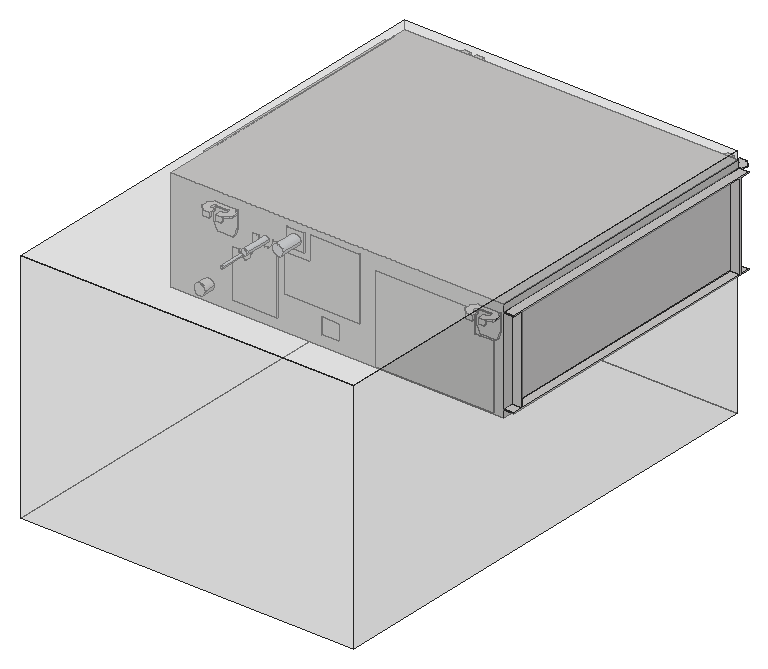
Revit family "outputfile", category 機械設備, Revit 2024
Family settings
  丸型コネクタ寸法 = 半径を使用
  パーツ タイプ = 標準
  OmniClass 番号 = 23.75.10.24.21.27.27
  OmniClass タイトル = Split System Air Conditioning Units
  作業面ベース = いいえ
  常に垂直 = はい
  ロード時にボイドで切り取り = いいえ
  注釈の向きを維持 = いいえ
  共有 = いいえ
  部屋計算ポイント = はい
Parameters (values of type "FXSQ40PAV4")
  Description = ""
  製造元 = "Daikin"
  書き出し IFC クラス(タイプ) = "IfcUnitaryEquipmentType"
  定義済み IFC タイプ(タイプ) = "AIRCONDITIONINGUNIT"
  Cost = 0
  モデル = "FXSQ40PAV4"
  Type Comments = ""
  Keynote = ""
  Type Image = (empty or 0)
  Assembly Code = ""
  r_Liquid Pipe Size = Liquid Pipe Size / 2  # 3.2 mm
  r_Gas Pipe Size = Gas Pipe Size / 2  # 6.35 mm
  r_Drain Pipe Size = Drain Pipe Size / 2  # 12.5 mm
  lw_power = 770.0 mm  # constant formula
  lh_SA = 138.0 mm  # constant formula
  lw_SA = if(Depth = 550.0 mm, 225.0 mm, if(Depth = 700.0 mm, 300.0 mm, if(Depth = 1000.0 mm, 450.0 mm, if(Depth = 1400.0 mm, 650.0 mm, 725.0 mm))))  # 300.0 mm
  lw_RA = if(Depth = 550.0 mm, 275.0 mm, if(Depth = 700.0 mm, 349.0 mm, if(Depth = 1000.0 mm, 499.0 mm, if(Depth = 1400.0 mm, 699.0 mm, 775.0 mm))))  # 349.0 mm
  lh_power = 60.0 mm + [h***]  # 60.0 mm
  lh_mountinghole1 = lh_mountinghole + [h***]  # 222.0 mm
  lh_RA = 123.0 mm  # constant formula
  ld_power = Depth / 2  # 350.0 mm
  Voltage_comment_60Hz = "220"
  Voltage_comment_50Hz = "220-240"
  Voltage_60Hz = 220 V
  Voltage_50Hz = 220 V
  URL = ""
  Supply Air Direction [instance] = yes
  Sound Power Level_H speed (dB) = 64
  Phase_60Hz = 1
  Phase_50Hz = 1
  Minimum External Static Pressure = 30.00 Pa
  Minimum Circuit Amps_60Hz = 1.4 A
  Minimum Circuit Amps_50Hz = 1.4 A
  Maximum Fuse Amps_60Hz = 16.0 A
  Maximum Fuse Amps_50Hz = 16.0 A
  Maximum External Static Pressure = 150.00 Pa
  Material_Casing = DAIKIN_GalvanizedSteel_Casing_indoorunit
  lw_mountinghole = 630.0 mm  # constant formula
  lh_gaspipe = 183.0 mm + [h***]  # 183.0 mm
  lh_mountinghole = 222.0 mm  # constant formula
  lh_liquidpipe = 136.0 mm + [h***]  # 136.0 mm
  lh_drainpipe = 207.0 mm + [h***]  # 207.0 mm
  lh_antena = Height - lh_mountinghole + 1.0 mm  # 24.0 mm
  ld_drainpipe = Depth / 2 + 53.0 mm  # 403.0 mm
  ld_liquidpipe = Depth / 2 + 69.0 mm  # 419.0 mm
  ld_gaspipe = Depth / 2 + 65.0 mm  # 415.0 mm
  ld_mountinghole = Depth + 38.0 mm  # 738.0 mm
  h*** = 0.0 mm  # constant formula
  lw_liquidpipe = 179.0 mm  # constant formula
  lw_gaspipe = 229.0 mm  # constant formula
  lw_drainpipe = 300.0 mm  # constant formula
  Width = 800.0 mm
  Version = "ver.1.0"
  Unit Type = "Middle Static Pressure Duct Type"
  Unit Mass Weight = 27.00 kg
  Unit Designation [instance] = ""
  Uniclass2015Version = "Products v1.30"
  Uniclass2015Title = "Variable refrigerant flow units"
  Uniclass2015Code = "Pr_70_65_03_94"
  Total Heating Capacity [instance] = 0.000 kW
  Total Cooling Capacity [instance] = 0.000 kW
  Sound Pressure Level_M speed (dBA) = 0
  Sound Pressure Level_L speed (dBA) = 30
  Sound Pressure Level_H speed (dBA) = 36
  Series = "VRV Fan Coil Unit"
  Sensible Cooling Capacity [instance] = 0.000 kW
  SA Duct Size Width = if(Depth = 550.0 mm, 337.0 mm, if(Depth = 700.0 mm, 492.0 mm, if(Depth = 1000.0 mm, 792.0 mm, if(Depth = 1400.0 mm, 1192.0 mm, 1337.0 mm))))  # 492.0 mm
  SA Duct Size Height = 176.0 mm
  Refrigerant Type = "R410A"
  RA Duct Size Width = if(Depth = 550.0 mm, 502.0 mm, if(Depth = 700.0 mm, 654.0 mm, if(Depth = 1000.0 mm, 952.0 mm, if(Depth = 1400.0 mm, 1352.0 mm, 1502.0 mm))))  # 654.0 mm
  RA Duct Size Height = 208.0 mm
  Power Input (Heating) = 0.157 kW
  Power Input (Cooling) = 0.162 kW
  Option Accessory 3 [instance] = ""
  Option Accessory 2 [instance] = ""
  Option Accessory 1 [instance] = ""
  Nominal Heating Capacity = 5.000 kW
  Nominal Cooling Capacity = 4.500 kW
  Minimum Airflow = 630.00 m³/h
  Median Airflow = 750.00 m³/h
  Maximum Airflow = 900.00 m³/h
  Load Classification = HVAC
  Liquid Pipe Size = 6.4 mm
  Link_Nested Family [instance] = ""
  IfcVersion = "0"
  IfcExportType = "AIRCONDITIONINGUNIT"
  IfcExportAs = "IfcUnitaryEquipmentType"
  Height = 245.0 mm
  Heating Entering Wet Bulb Temperature [instance] = 0.00 °C
  Heating Entering Dry Bulb Temperature [instance] = 0.00 °C
  Heating Ambient Wet Bulb Temperature [instance] = 0.00 °C
  Heating Ambient Dry Bulb Temperature [instance] = 0.00 °C
  Heat Exchanger Type = "Cross Fin Coil"
  Gas Pipe Size = 12.7 mm
  Frequency_60Hz = 60 Hz
  Frequency_50Hz = 50 Hz
  Fan Type = "Sirocco Fan"
  Fan Drive = "Direct Drive"
  FCU Tag No. [instance] = ""
  Drain Pipe Size = 25.0 mm
  Design Supply Airflow [instance] = 0.00 m³/h
  Design Return Airflow [instance] = 0.00 m³/h
  Design External Static Pressure [instance] = 0.00 Pa
  Depth = 700.0 mm
  既定の高さ = 0.0 mm
  Cooling Entering Wet Bulb Temperature [instance] = 0.00 °C
  Cooling Entering Dry Bulb Temperature [instance] = 0.00 °C
  Cooling Ambient Wet Bulb Temperature [instance] = 0.00 °C
  Cooling Ambient Dry Bulb Temperature [instance] = 0.00 °C
  Clearance visibility [instance] = yes
  Clearance Top = 20.0 mm
  Clearance Right = 0.0 mm
  Clearance Rear = 0.0 mm
  Clearance Left = 0.0 mm
  Clearance Front = 450.0 mm
  Clearance Bottom = 300.0 mm
Reference planes
  plane 1 "Center (Front/Back)": y = 0
  plane 2 "h": z = 0
  plane 3 "Center (Left/Right)": x = 0
  plane 4 "Back": y = 350
  plane 5 "Front": y = -350
  plane 6 "Left": x = -400
  plane 7 "Reight": x = 400
  plane 8 "Top": z = 0
  plane 9 "Bottom": z = -245
  plane 10: y = -215
  plane 11: y = 350
  plane 12: y = -800
  plane 13: x = -400
  plane 14: x = 400
  plane 15: z = 20
  plane 16: z = -545
  plane 17: x = -400
  plane 18: x = -399
  plane 19: x = 399
  plane 20: y = 50
  plane 21: y = -1
  plane 22: z = -122
  plane 23: y = -351
  plane 24: z = -109
  plane 25: x = -221
  plane 26: y = -415
  plane 27: z = -62
  plane 28: x = -171
  plane 29: y = -403
  plane 30: z = -38
  plane 31: x = -100
  plane 32: x = -100
  plane 33: x = -221
  plane 34: x = -171
  plane 35: x = 370
  plane 36: x = -266
  plane 37: x = 364
  plane 38: y = -369
  plane 39: y = 369
  plane 40: z = -23
  plane 41: z = -107
  plane 42: y = -420
  plane 43: z = -207
  plane 44: x = -309
  plane 45: y = -376
  plane 46: x = -251
  plane 47: x = -203
  plane 48: x = -144
  plane 49: z = -59
  plane 50: z = -106
  plane 51: z = -221
  plane 52: z = -109
  plane 53: x = -221
  plane 54: z = -62
  plane 55: x = -171
  plane 56: z = -17
  plane 57: z = -59
  plane 58: x = -121
  plane 59: x = -79
  plane 60: x = -125
  plane 61: x = -64
  plane 62: x = 53
  plane 63: z = -164
  plane 64: z = -73
  plane 65: z = -16
  plane 66: x = 93.5
  plane 67: x = 374.5
  plane 68: x = 330
  plane 69: z = -88.5
  plane 70: z = -38
  plane 71: z = -242.5
  plane 72: x = -38.5
  plane 73: x = 6.5
  plane 74: z = -181
  plane 75: z = -221
  plane 76: y = -349
  plane 77: x = -424
  plane 78: x = 424
Forms (mm)
  Extrusion 1, solid, material "DAIKIN_GalvanizedSteel_Casing_indoorunit" <- "Material_Casing"
    sketch origin (0, 0, 0) x (1, 0, 0) y (0, 1, 0)
      loop
        line (-399, 350) -> (-399, -350) -> (399, -350) -> (399, 350) -> (-399, 350)
    from -245 to 0
  Extrusion 2, solid, material "DAIKIN_GalvanizedSteel_Casing_indoorunit" <- "Material_Casing"
    sketch origin (0, 0, 0) x (1, 0, 0) y (0, 0, 1)
      loop
        line (-251, -221) -> (-144, -221) -> (-144, -59) -> (-154.47, -59)
        arc (-154.47, -59) -> (-171, -78.8) -> (-187.53, -59) r 16.8
        line (-187.53, -59) -> (-203, -59) -> (-203, -106) -> (-206.916, -106)
        arc (-206.916, -106) -> (-221, -123.4) -> (-235.084, -106) r 14.4
        line (-235.084, -106) -> (-251, -106) -> (-251, -221)
    from 350 to 351
  Extrusion 3, solid, material "DAIKIN_GalvanizedSteel_Casing_indoorunit" <- "Material_Casing"
    sketch origin (0, 0, 0) x (1, 0, 0) y (0, 0, 1)
      loop
        line (-121, -17) -> (-121, -59) -> (-79, -59) -> (-79, -17) -> (-121, -17)
      loop
        line (-125, -73) -> (-125, -164) -> (53, -164) -> (53, -16) -> (-64, -16) -> (-64, -73) -> (-125, -73)
    from 350 to 351
  Extrusion 4, solid, material "DAIKIN_GalvanizedSteel_Casing_indoorunit" <- "Material_Casing"
    sketch origin (0, 0, 0) x (1, 0, 0) y (0, 0, 1)
      loop
        line (93.5, -38) -> (93.5, -242.5) -> (374.5, -242.5) -> (374.5, -88.5) -> (330, -88.5) -> (330, -38) -> (93.5, -38)
    from 350 to 351
  Extrusion 5, solid
    sketch origin (0, 0, 0) x (1, 0, 0) y (0, 0, 1)
      loop
        circle (-221, -109) r 3.2
    from 350 to 420
  Extrusion 6, solid
    sketch origin (0, 0, 0) x (1, 0, 0) y (0, 0, 1)
      loop
        circle (-171, -62) r 6.35
    from 350 to 415
  Extrusion 7, solid
    sketch origin (0, 0, 0) x (1, 0, 0) y (0, 0, 1)
      loop
        circle (-100, -38) r 12.5
    from 351 to 403
  Extrusion 8, solid, material "DAIKIN_GalvanizedSteel_Casing_indoorunit" <- "Material_Casing"
    sketch origin (0, 0, 0) x (1, 0, 0) y (0, 0, 1)
      loop
        circle (-309, -207) r 13
    from 350 to 376
  Extrusion 9, void
    sketch origin (0, 0, 0) x (1, 0, 0) y (0, 0, 1)
      loop
        line (-38.5, -181) -> (-38.5, -221) -> (6.5, -221) -> (6.5, -181) -> (-38.5, -181)
    from 349 to 350
Cuts and joins
  Extrusion 9 cuts Extrusion 1
Dimensions and locks
  "Height": plane 8 "Top" to plane 9 "Bottom"
  equal spacing: plane 4 "Back", plane 1 "Center (Front/Back)", plane 5 "Front"
  "Depth": plane 4 "Back" to plane 5 "Front"
  equal spacing: plane 6 "Left", plane 3 "Center (Left/Right)", plane 7 "Reight"
  "Width": plane 6 "Left" to plane 7 "Reight"
  "Clearance Left": plane 13 to plane 6 "Left"
  "Clearance Right": plane 7 "Reight" to plane 14
  "Clearance Rear": plane 11 to plane 4 "Back"
  "Clearance Front": plane 5 "Front" to plane 12
  "Clearance Top": plane 15 to plane 8 "Top"
  "Clearance Bottom": plane 9 "Bottom" to plane 16
  locked: plane 17 to plane 18 at 1
  locked: plane 19 to plane 14 at 1
  "lw_SA": plane 11 to plane 20
  "lw_RA": plane 21 to plane 5 "Front"
  "lh_RA": plane 22 to plane 9 "Bottom"
  locked: plane 5 "Front" to plane 23 at 1
  "lw_liquidpipe": plane 25 to plane 6 "Left"
  "lh_liquidpipe": plane 24 to plane 9 "Bottom"
  "lh_gaspipe": plane 27 to plane 9 "Bottom"
  "lw_gaspipe": plane 28 to plane 6 "Left"
  "ld_gaspipe": plane 26 to plane 1 "Center (Front/Back)"
  "ld_drainpipe": plane 29 to plane 1 "Center (Front/Back)"
  "lh_drainpipe": plane 30 to plane 9 "Bottom"
  "lw_drainpipe": plane 31 to plane 6 "Left"
  "lw_drainpipe": plane 6 "Left" to plane 32
  "lw_liquidpipe": plane 6 "Left" to plane 33
  "lw_gaspipe": plane 6 "Left" to plane 34
  "lw_power": plane 6 "Left" to plane 35
  locked: plane 17 to plane 36 at 134
  "lw_mountinghole": plane 36 to plane 37
  equal spacing: plane 38, plane 1 "Center (Front/Back)", plane 39
  "ld_mountinghole": plane 39 to plane 38
  "lh_mountinghole": plane 40 to plane 9 "Bottom"
  "lh_SA": plane 41 to plane 9 "Bottom"
  "ld_liquidpipe": plane 21 to plane 42
  locked: plane 44 to plane 6 "Left" at 91
  locked: plane 43 to plane 9 "Bottom" at 38
  locked: plane 5 "Front" to plane 45 at 26
  plane 48 to plane 47 to plane 46 to plane 6 "Left" = 59.0 mm, 48.0 mm, 149.0 mm
  plane 8 "Top" to plane 49 to plane 50 to plane 51 = 59.0 mm locked, 47.0 mm locked, 115.0 mm locked
  plane 55 to plane 53 to plane 6 "Left" = 50.0 mm locked, 179.0 mm locked
  plane 54 to plane 52 to plane 9 "Bottom" = 47.0 mm locked, 136.0 mm locked
  plane 59 to plane 58 to plane 6 "Left" = 42.0 mm locked, 279.0 mm locked
  plane 8 "Top" to plane 56 to plane 57 = 17.0 mm locked, 42.0 mm locked
  plane 62 to plane 61 to plane 60 to plane 6 "Left" = 117.0 mm, 61.0 mm, 275.0 mm
  plane 8 "Top" to plane 65 to plane 64 = 16.0 mm locked, 57.0 mm locked
  locked: plane 65 to plane 63 at 148
  plane 8 "Top" to plane 70 to plane 69 to plane 71 = 38.0 mm locked, 50.5 mm locked, 154.0 mm locked
  plane 67 to plane 68 to plane 66 to plane 6 "Left" = 44.5 mm locked, 236.5 mm locked, 493.5 mm locked
  plane 8 "Top" to plane 74 to plane 75 = 181.0 mm locked, 40.0 mm locked
  plane 73 to plane 72 to plane 6 "Left" = 45.0 mm, 361.5 mm
  locked: plane 76 to plane 5 "Front" at 1
  locked: plane 77 to plane 17 at 24
  locked: plane 14 to plane 78 at 24
  locked: Extrusion 4 sketch curve to plane 9 "Bottom" at 2.5
  "r_Liquid Pipe Size": radius of Extrusion 5 sketch curve
  "r_Gas Pipe Size": radius of Extrusion 6 sketch curve
  "r_Drain Pipe Size": radius of Extrusion 7 sketch curve
  aligned and locked: level to plane 2 "h"
  aligned and locked: plane 8 "Top" to Extrusion 1
  aligned and locked: Extrusion 1 to plane 9 "Bottom"
  aligned and locked: nested 5 to plane 12
  aligned and locked: plane 13 to nested 5
  aligned and locked: plane 14 to nested 5
  aligned and locked: nested 5 to plane 13
  aligned and locked: plane 11 to nested 5
  aligned and locked: plane 15 to nested 5
  aligned and locked: plane 16 to nested 5
  aligned and locked: plane 5 "Front" to Extrusion 1 sketch curve
  aligned and locked: Extrusion 1 to plane 18
  aligned and locked: plane 19 to Extrusion 1
  aligned and locked: nested 7 to plane 18
  aligned and locked: nested 7 to plane 20
  aligned and locked: plane 19 to nested 8
  aligned and locked: plane 21 to nested 8
  aligned and locked: plane 22 to nested 8
  aligned and locked: Extrusion 2 to plane 23
  aligned and locked: plane 5 "Front" to Extrusion 2
  aligned and locked: Extrusion 3 to plane 23
  aligned and locked: plane 5 "Front" to Extrusion 3
  aligned and locked: plane 5 "Front" to Extrusion 4
  aligned and locked: Extrusion 5 sketch curve to plane 25
  aligned and locked: plane 24 to Extrusion 5 sketch curve
  aligned and locked: plane 5 "Front" to Extrusion 5
  aligned and locked: Extrusion 6 sketch curve to plane 28
  aligned and locked: plane 27 to Extrusion 6 sketch curve
  aligned and locked: plane 5 "Front" to Extrusion 6
  aligned and locked: Extrusion 7 sketch curve to plane 31
  aligned and locked: Extrusion 7 sketch curve to plane 30
  aligned and locked: Extrusion 7 to plane 29
  aligned and locked: plane 23 to Extrusion 7
  aligned and locked: nested 3 to plane 29
  aligned and locked: plane 32 to nested 3
  aligned and locked: nested 2 to plane 33
  aligned and locked: nested 1 to plane 34
  aligned and locked: Extrusion 6 to plane 26
  aligned and locked: nested 1 to plane 26
  aligned and locked: nested 6 to plane 5 "Front"
  aligned and locked: nested 6 to plane 35
  aligned and locked: plane 36 to nested 10
  aligned and locked: nested 10 to plane 5 "Front"
  aligned and locked: plane 37 to nested 9
  aligned and locked: nested 9 to plane 5 "Front"
  aligned and locked: nested 11 to plane 36
  aligned and locked: plane 4 "Back" to nested 11
  aligned and locked: nested 12 to plane 37
  aligned and locked: plane 4 "Back" to nested 12
  aligned and locked: plane 40 to nested 10
  aligned and locked: plane 40 to nested 11
  aligned and locked: plane 40 to nested 9
  aligned and locked: plane 40 to nested 12
  aligned and locked: plane 36 to nested 14
  aligned and locked: nested 14 to plane 39
  aligned and locked: plane 37 to nested 13
  aligned and locked: nested 13 to plane 39
  aligned and locked: plane 37 to nested 16
  aligned and locked: plane 38 to nested 16
  aligned and locked: plane 38 to nested 15
  aligned and locked: plane 36 to nested 15
  aligned and locked: plane 17 to plane 6 "Left"
  aligned and locked: plane 41 to nested 7
  aligned and locked: Extrusion 5 to plane 42
  aligned and locked: nested 2 to plane 42
  aligned and locked: Extrusion 8 sketch curve to plane 44
  aligned and locked: plane 43 to Extrusion 8 sketch curve
  aligned and locked: plane 5 "Front" to Extrusion 8
  aligned and locked: plane 45 to Extrusion 8
  aligned and locked: Extrusion 3 sketch curve to plane 56
  aligned and locked: Extrusion 3 sketch curve to plane 58
  aligned and locked: plane 57 to Extrusion 3 sketch curve
  aligned and locked: plane 59 to Extrusion 3 sketch curve
  aligned and locked: Extrusion 4 to plane 23
  aligned and locked: Extrusion 9 sketch curve to plane 74
  aligned and locked: plane 75 to Extrusion 9 sketch curve
  aligned and locked: plane 73 to Extrusion 9 sketch curve
  aligned and locked: plane 5 "Front" to Extrusion 9
  aligned and locked: plane 76 to Extrusion 9
  aligned and locked: nested 17 to plane 20
  aligned and locked: nested 17 to plane 77
  aligned and locked: plane 21 to nested 18
  aligned and locked: plane 78 to nested 18
  aligned and locked: plane 41 to nested 17
  aligned and locked: nested 18 to plane 22
  aligned and locked: nested 4 to plane 3 "Center (Left/Right)"
  aligned and locked: plane 1 "Center (Front/Back)" to nested 4
  aligned and locked: level to plane 8 "Top"
Automatic sketch dimensions
  plane 6 "Left" to Extrusion 1 sketch curve = 1.0 mm
  Extrusion 1 sketch curve to plane 7 "Reight" = 1.0 mm
  Extrusion 1 sketch curve to plane 4 "Back" = 0.0 mm
  Extrusion 2 sketch curve to plane 46 = 0.0 mm
  Extrusion 2 sketch curve to plane 33 = 0.0 mm
  Extrusion 2 sketch curve to plane 47 = 0.0 mm
  Extrusion 2 sketch curve to plane 34 = 0.0 mm
  Extrusion 2 sketch curve to plane 48 = 0.0 mm
  Extrusion 2 sketch curve to plane 52 = 0.0 mm
  Extrusion 2 sketch curve to plane 50 = 0.0 mm  (x3)
  Extrusion 2 sketch curve to plane 54 = 0.0 mm
  Extrusion 2 sketch curve to plane 49 = 0.0 mm  (x3)
  plane 33 to Extrusion 2 sketch curve = 14.084 mm
  plane 34 to Extrusion 2 sketch curve = 16.53 mm
  Extrusion 3 sketch curve to plane 60 = 0.0 mm
  Extrusion 3 sketch curve to plane 61 = 0.0 mm
  Extrusion 3 sketch curve to plane 62 = 0.0 mm
  Extrusion 3 sketch curve to plane 64 = 0.0 mm
  Extrusion 3 sketch curve to plane 65 = 0.0 mm
  Extrusion 4 sketch curve to plane 66 = 0.0 mm
  Extrusion 4 sketch curve to plane 68 = 0.0 mm
  Extrusion 4 sketch curve to plane 67 = 0.0 mm
  Extrusion 4 sketch curve to plane 69 = 0.0 mm
  Extrusion 4 sketch curve to plane 70 = 0.0 mm
  Extrusion 9 sketch curve to plane 72 = 0.0 mm
  Extrusion 2 sketch curve to plane 51 = 0.0 mm
  Extrusion 3 sketch curve to plane 63 = 0.0 mm
  radius of Extrusion 8 sketch curve = 13.0 mm
Nested families
  nested 1: "daikin_connector_rotate2" at (-171, 0, -62), length <- "ld_gaspipe", built-in parameter 1001364 <- "lh_gaspipe", radius <- "r_Gas Pipe Size", type "daikin_connector_rotate2"
    with radius 6.35 mm, length 415.0 mm, angle_vertical 90.00°
  nested 2: "daikin_connector_rotate2" at (-221, -1, -109), length <- "ld_liquidpipe", built-in parameter 1001364 <- "lh_liquidpipe", radius <- "r_Liquid Pipe Size", type "daikin_connector_rotate2"
    with radius 3.2 mm, length 419.0 mm, angle_vertical 90.00°
  nested 3: "daikin_connector_rotate2" at (-100, 0, -38), length <- "ld_drainpipe", built-in parameter 1001364 <- "lh_drainpipe", radius <- "r_Drain Pipe Size", type "daikin_connector_rotate2"
    with radius 12.5 mm, length 403.0 mm, angle_vertical 90.00°
  nested 4: "daikin_△_symbolicline" at (0, 0, 245) x (0, -1, 0) z (0, 0, 1), built-in parameter 1001364 <- "Height", visible <- "Supply Air Direction", type "daikin_△_symbolicline"
    with length 200.0 mm
  nested 5: "daikin_clearancespace" at (0, -225, -262.381), visible <- "Clearance visibility", show <- "Clearance visibility", Link_Nested Family <- "Link_Nested Family", type "daikin_clearancespace"
    with width 800.0 mm, show yes, height 565.0 mm, depth 1150.0 mm, Link_Nested Family ""
  nested 6: "daikin_connector_rotate2" at (370, 0, -185), built-in parameter 1001364 <- "lh_power", length <- "ld_power", type "daikin_connector_rotate2"
    with radius 10.0 mm, length 350.0 mm, angle_vertical 90.00°
  nested 7: "daikin_ductflange_FXSQ-PAV4_2" at (-399, 50, -107) x (0, -1, 0) z (0, 0, 1), type "daikin_ductflange_FXSQ-PAV4_2"
    with width 492.0 mm, w 700.0 mm
  nested 8: "daikin_ductflange_FXSQ-PAV4_1" at (399, -1, -122) x (0, 1, 0) z (0, 0, 1), type "daikin_ductflange_FXSQ-PAV4_1"
    with width 654.0 mm, w 700.0 mm
  nested 9: "daikin_hangerfixture_FXSQ-PAV4" at (364, -350, -23), type "daikin_hangerfixture_FXSQ-PAV4"
  nested 10: "daikin_hangerfixture_FXSQ-PAV4" at (-266, -350, -23), type "daikin_hangerfixture_FXSQ-PAV4"
  nested 11: "daikin_hangerfixture_FXSQ-PAV4" at (-266, 350, -23) x (-1, 0, 0) z (0, 0, 1), type "daikin_hangerfixture_FXSQ-PAV4"
  nested 12: "daikin_hangerfixture_FXSQ-PAV4" at (364, 350, -23) x (-1, 0, 0) z (0, 0, 1), type "daikin_hangerfixture_FXSQ-PAV4"
  nested 13: "daikin_mountinghole" at (364, 369, -245), h_mountinghole <- "lh_mountinghole1", l_antenna <- "lh_antena", Link_Nested Family <- "Link_Nested Family", type "daikin_mountinghole"
    with show yes, l_antenna 24.0 mm, h_mountinghole 222.0 mm, Link_Nested Family ""
  nested 14: "daikin_mountinghole" at (-266, 369, -245), h_mountinghole <- "lh_mountinghole1", l_antenna <- "lh_antena", Link_Nested Family <- "Link_Nested Family", type "daikin_mountinghole"
    with show yes, l_antenna 24.0 mm, h_mountinghole 222.0 mm, Link_Nested Family ""
  nested 15: "daikin_mountinghole" at (-266, -369, -245), h_mountinghole <- "lh_mountinghole1", l_antenna <- "lh_antena", Link_Nested Family <- "Link_Nested Family", type "daikin_mountinghole"
    with show yes, l_antenna 24.0 mm, h_mountinghole 222.0 mm, Link_Nested Family ""
  nested 16: "daikin_mountinghole" at (364, -369, -245), h_mountinghole <- "lh_mountinghole1", l_antenna <- "lh_antena", Link_Nested Family <- "Link_Nested Family", type "daikin_mountinghole"
    with show yes, l_antenna 24.0 mm, h_mountinghole 222.0 mm, Link_Nested Family ""
  nested 17: "daikin_connector_rotate2" at (-400, 50, -107) x (0, -1, 0) z (0, 0, 1), type "daikin_connector_rotate2"
    with radius 10.0 mm, length 24.0 mm, angle_vertical 90.00°
  nested 18: "daikin_connector_rotate2" at (400, -1, -122) x (0, 1, 0) z (0, 0, 1), type "daikin_connector_rotate2"
    with radius 10.0 mm, length 24.0 mm, angle_vertical 90.00°
Connectors
  piping at (-100, -403, -38), diameter 25, driven by "r_Drain Pipe Size"
    settings: on nested 3, index 3, connector inside diameter 609.6 mm, connector length 0.0 mm, flow factor 0, pipe flow 0.00 m³/h, pressure drop 0.0 Pa, fitting loss kfactor 0, connector angle 0.00°, fixture units 0, engagement length 0.0 mm, angle of deflection 0.00°, flow configuration 1, flow direction 2, fitting loss method 4, system type 16, joint type 0, gender type 0, connector reference index -1, connector utility 0, adjustable connector no, is connector primary yes, connector description "Condensate Drain Piping"
  piping at (-171, -415, -62), diameter 12.7, driven by "r_Gas Pipe Size"
    settings: on nested 1, index 4, connector inside diameter 609.6 mm, connector length 0.0 mm, flow factor 0, pipe flow 0.00 m³/h, pressure drop 0.0 Pa, fitting loss kfactor 0, connector angle 0.00°, fixture units 0, engagement length 0.0 mm, angle of deflection 0.00°, flow configuration 1, flow direction 2, fitting loss method 0, system type 29, joint type 0, gender type 0, connector reference index -1, connector utility 0, adjustable connector no, is connector primary no, connector description "Refrigerant Gas Piping"
  piping at (-221, -420, -109), diameter 6.4, driven by "r_Liquid Pipe Size"
    settings: on nested 2, index 5, connector inside diameter 609.6 mm, connector length 0.0 mm, flow factor 0, pipe flow 0.00 m³/h, pressure drop 0.0 Pa, fitting loss kfactor 0, connector angle 0.00°, fixture units 0, engagement length 0.0 mm, angle of deflection 0.00°, flow configuration 1, flow direction 1, fitting loss method 0, system type 29, joint type 0, gender type 0, connector reference index -1, connector utility 0, adjustable connector no, is connector primary no, connector description "Refrigerant Liquid Piping"
  electrical at (370, -350, -185), driven by "Load Classification"
    settings: on nested 6, index 6, voltage 0 V, apparent load 0 VA, apparent load phase1 0 VA, apparent load phase2 0 VA, apparent load phase3 0 VA, power factor 1, load classification "HVAC", number of poles 1, system type 30, power factor state 1, is connector primary yes, connector utility no, sub classification motor no, connector description "Power Supply"
  hvac at (-424, 50, -107), driven by "SA Duct Size Height", driven by "SA Duct Size Width"
    settings: on nested 17, index 7, duct flow 0.00 m³/h, flow factor 0, pres drop 0.00 Pa, loss coef 0, conn angle 0.00°, conn width 492.0 mm, conn height 176.0 mm, conn diameter 609.6 mm, duct sys type 1, conn prof type 1, flow config 0, flow direction 2, loss method 4, conn ref index -1, conn util no, is conn primary yes, conn desc "SA Duct"
  hvac at (424, -1, -122), driven by "RA Duct Size Height", driven by "RA Duct Size Width"
    settings: on nested 18, index 8, duct flow 0.00 m³/h, flow factor 0, pres drop 0.00 Pa, loss coef 0, conn angle 0.00°, conn width 654.0 mm, conn height 208.0 mm, conn diameter 609.6 mm, duct sys type 2, conn prof type 1, flow config 0, flow direction 1, loss method 4, conn ref index -1, conn util no, is conn primary no, conn desc "RA Duct"
Definition of nested family "daikin_clearancespace"
  Parameters (values of type "daikin_clearancespace")
    width [instance] = 1823.963 mm
    show [instance] = yes
    material = none
    height [instance] = 1359.762 mm
    depth [instance] = 880.0 mm
    Default Elevation = 0.0 mm
    Link_Nested Family [instance] = ""
  Reference planes
    plane 1 "Center (Front/Back)": y = 0
    plane 2 "Center (Elevation)": z = -0.119
    plane 3 "Center (Left/Right)": x = 0
    plane 4: y = 440
    plane 5: y = -440
    plane 6 "Right": x = 911.982
    plane 7 "Left": x = -911.982
    plane 8 "Top": z = 679.762
    plane 9 "Bottom": z = -680
  Forms (mm)
    Extrusion 1, solid, material <- "material", visible <- "show"
      sketch origin (0, 0, 0) x (1, 0, 0) y (0, 1, 0)
        loop
          line (-911.982, 440) -> (-911.982, -440) -> (911.982, -440) -> (911.982, 440) -> (-911.982, 440)
      from -680 to 679.762
  Lines and regions (mm)
    symbolic lines, visible <- "show"
      curve 1: line (911.982, 440, 0) -> (-911.982, 440, 0)
      curve 2: line (-911.982, 440, 0) -> (-911.982, -440, 0)
      curve 3: line (-911.982, -440, 0) -> (911.982, -440, 0)
      curve 4: line (911.982, -440, 0) -> (911.982, 440, 0)
      curve 5: line (911.982, 0, 679.762) -> (-911.982, 0, 679.762)
      curve 6: line (911.982, 0, -680) -> (911.982, 0, 679.762)
      curve 7: line (-911.982, 0, -680) -> (911.982, 0, -680)
      curve 8: line (-911.982, 0, 679.762) -> (-911.982, 0, -680)
      curve 9: line (0, 440, 679.762) -> (0, -440, 679.762)
      curve 10: line (0, -440, 679.762) -> (0, -440, -680)
      curve 11: line (0, 440, -680) -> (0, 440, 679.762)
      curve 12: line (0, -440, -680) -> (0, 440, -680)
  Dimensions and locks
    "width": plane 7 "Left" to plane 6 "Right"
    "depth": plane 4 to plane 5
    "height": plane 8 "Top" to plane 9 "Bottom"
    equal spacing: plane 7 "Left", plane 3 "Center (Left/Right)", plane 6 "Right"
    equal spacing: plane 4, plane 1 "Center (Front/Back)", plane 5
    equal spacing: plane 8 "Top", plane 2 "Center (Elevation)", plane 9 "Bottom"
    aligned and locked: level to plane 2 "Center (Elevation)"
    aligned and locked: Extrusion 1 sketch curve to plane 4
    aligned and locked: plane 7 "Left" to Extrusion 1 sketch curve
    aligned and locked: Extrusion 1 sketch curve to plane 5
    aligned and locked: Extrusion 1 sketch curve to plane 6 "Right"
    aligned and locked: plane 8 "Top" to Extrusion 1
    aligned and locked: curve 1 to Extrusion 1
    aligned and locked: curve 2 to Extrusion 1
    aligned and locked: curve 3 to Extrusion 1
    aligned and locked: curve 4 to Extrusion 1
    aligned and locked: curve 5 to Extrusion 1
    aligned and locked: curve 6 to Extrusion 1
    aligned and locked: curve 7 to Extrusion 1
    aligned and locked: curve 8 to Extrusion 1
    aligned and locked: curve 9 to Extrusion 1
    aligned and locked: curve 10 to Extrusion 1
    aligned and locked: curve 11 to Extrusion 1
    aligned and locked: curve 12 to Extrusion 1
    aligned and locked: Extrusion 1 to plane 9 "Bottom"
Definition of nested family "daikin_ductflange_FXSQ-PAV4_2"
  Parameters (values of type "daikin_ductflange_FXMQ-PAVE2")
    width = if(w = 550.0 mm, 337.0 mm, if(w = 700.0 mm, 492.0 mm, if(w = 1000.0 mm, 792.0 mm, if(w = 1400.0 mm, 1192.0 mm, 1337.0 mm))))  # 337.0 mm
    material = none
    height = 215.0 mm
    depth = 1.0 mm
    w = 550.0 mm
    Default Elevation = 0.0 mm
  Reference planes
    plane 1 "Center (Front/Back)": y = 0
    plane 2: z = 0
    plane 3 "Center (Left/Right)": x = 0
    plane 4: z = 88
    plane 5: z = -88
    plane 6: y = -25
    plane 7: z = 106
    plane 8: z = 89
    plane 9: y = -1
    plane 10: x = -192.5
    plane 11: x = 192.5
    plane 12: z = -106
    plane 13: z = -89
    plane 14: y = -1
    plane 15: x = 168.5
    plane 16: x = -168.5
    plane 17: x = 169.5
    plane 18: z = 87
    plane 19: z = -87
    plane 20: x = -169.5
    plane 21: z = 87
    plane 22: z = -87
    plane 23: y = -1
  Forms (mm)
    Extrusion 1, solid, material <- "material"
      sketch origin (0, 0, 0) x (0, 1, 0) y (0, 0, 1)
        loop
          line (-25, 88) -> (0, 88) -> (0, 106) -> (-1, 106) -> (-1, 89) -> (-25, 89) -> (-25, 88)
      from -192.5 to 192.5
    Extrusion 2, solid, material <- "material"
      sketch origin (0, 0, 0) x (0, 1, 0) y (0, 0, 1)
        loop
          line (-25, -88) -> (-25, -89) -> (-1, -89) -> (-1, -106) -> (0, -106) -> (0, -88) -> (-25, -88)
      from -192.5 to 192.5
    Extrusion 3, solid, material <- "material"
      sketch origin (0, 0, 0) x (1, 0, 0) y (0, 0, 1)
        loop
          line (168.5, 88) -> (168.5, -88) -> (192.5, -88) -> (192.5, -87) -> (169.5, -87) -> (169.5, 87) -> (192.5, 87) -> (192.5, 88) -> (168.5, 88)
      from 0 to 25
    Extrusion 4, solid, material <- "material"
      sketch origin (0, 0, 0) x (1, 0, 0) y (0, 0, 1)
        loop
          line (-192.5, 88) -> (-192.5, 87) -> (-169.5, 87) -> (-169.5, -87) -> (-192.5, -87) -> (-192.5, -88) -> (-168.5, -88) -> (-168.5, 88) -> (-192.5, 88)
      from 0 to 25
    Extrusion 5, solid, material <- "material"
      sketch origin (0, 0, 0) x (1, 0, 0) y (0, 0, 1)
        loop
          line (-192.5, 88) -> (-192.5, -88) -> (-168.5, -88) -> (-168.5, 88) -> (-192.5, 88)
        loop
          line (192.5, 88) -> (168.5, 88) -> (168.5, -88) -> (192.5, -88) -> (192.5, 88)
      from 0 to 1
  Cuts and joins
    joined: Extrusion 1, Extrusion 2, Extrusion 3, Extrusion 4, Extrusion 5
  Dimensions and locks
    plane 4 to level to plane 5 = 88.0 mm, 88.0 mm
    locked: plane 6 to plane 1 "Center (Front/Back)" at 25
    locked: plane 9 to plane 1 "Center (Front/Back)" at 1
    locked: plane 8 to plane 4 at 1
    locked: plane 16 to plane 10 at 24
    locked: plane 17 to plane 15 at 1
    locked: plane 4 to plane 18 at 1
    locked: plane 19 to plane 5 at 1
    "width": plane 15 to plane 16
    plane 4 to plane 5 = 176.0 mm
    locked: plane 16 to plane 20 at 1
    locked: plane 4 to plane 21 at 1
    locked: plane 22 to plane 5 at 1
    locked: plane 23 to plane 1 "Center (Front/Back)" at 1
    plane 4 to level to plane 5 = 88.0 mm locked, 88.0 mm locked
    locked: plane 5 to plane 13 at 1
    locked: plane 5 to plane 12 at 18
    locked: plane 7 to plane 4 at 18
    equal spacing: plane 15, plane 3 "Center (Left/Right)", plane 16
    locked: plane 11 to plane 15 at 24
    plane 11 to plane 10 = 385.0 mm
    aligned and locked: level to plane 2
    aligned and locked: Extrusion 1 to plane 10
    aligned and locked: plane 11 to Extrusion 1
    aligned and locked: plane 5 to Extrusion 2
    aligned and locked: Extrusion 2 to plane 1 "Center (Front/Back)"
    aligned and locked: plane 15 to Extrusion 3 sketch curve
    aligned and locked: Extrusion 3 sketch curve to Extrusion 2  (x2)
    aligned and locked: Extrusion 3 sketch curve to plane 11
    aligned and locked: plane 6 to Extrusion 3
    aligned and locked: Extrusion 2 to plane 10
    aligned and locked: plane 11 to Extrusion 2
    aligned and locked: Extrusion 4 sketch curve to Extrusion 1  (x2)
    aligned and locked: plane 5 to Extrusion 4 sketch curve
    aligned and locked: Extrusion 4 sketch curve to plane 16
    aligned and locked: Extrusion 4 sketch curve to plane 22
    aligned and locked: plane 20 to Extrusion 4 sketch curve
    aligned and locked: plane 21 to Extrusion 4 sketch curve
    aligned and locked: Extrusion 4 to plane 1 "Center (Front/Back)"
    aligned and locked: plane 6 to Extrusion 4
    aligned and locked: Extrusion 5 sketch curve to Extrusion 1  (x4)
    aligned and locked: Extrusion 5 sketch curve to Extrusion 4  (x2)
    aligned and locked: Extrusion 5 sketch curve to Extrusion 3  (x2)
    aligned and locked: Extrusion 5 to plane 1 "Center (Front/Back)"
    aligned and locked: plane 23 to Extrusion 5
  Automatic sketch dimensions
    Extrusion 1 sketch curve to plane 6 = 0.0 mm
    Extrusion 1 sketch curve to plane 7 = 0.0 mm
    Extrusion 1 sketch curve to plane 9 = 0.0 mm
    Extrusion 1 sketch curve to plane 1 "Center (Front/Back)" = 0.0 mm
    Extrusion 1 sketch curve to plane 4 = 0.0 mm
    Extrusion 1 sketch curve to plane 8 = 0.0 mm
    Extrusion 2 sketch curve to plane 6 = 0.0 mm
    plane 12 to Extrusion 2 sketch curve = 0.0 mm
    Extrusion 2 sketch curve to plane 14 = 0.0 mm
    Extrusion 2 sketch curve to plane 1 "Center (Front/Back)" = 0.0 mm
    plane 13 to Extrusion 2 sketch curve = 0.0 mm
    Extrusion 2 sketch curve to plane 5 = 0.0 mm
    Extrusion 3 sketch curve to plane 17 = 0.0 mm
    Extrusion 3 sketch curve to plane 19 = 0.0 mm
    Extrusion 3 sketch curve to plane 18 = 0.0 mm
    Extrusion 3 sketch curve to plane 4 = 0.0 mm
    Extrusion 4 sketch curve to plane 10 = 0.0 mm
Definition of nested family "daikin_ductflange_FXSQ-PAV4_1"
  Parameters (values of type "daikin_ductflange_FXMQ-PAVE")
    width = if(w = 550.0 mm, 502.0 mm, if(w = 700.0 mm, 654.0 mm, if(w = 1000.0 mm, 952.0 mm, if(w = 1400.0 mm, 1352.0 mm, 1502.0 mm))))  # 502.0 mm
    material = none
    height = 208.0 mm
    depth = 1.0 mm
    w = 550.0 mm
    Default Elevation = 0.0 mm
  Reference planes
    plane 1 "Center (Front/Back)": y = 0
    plane 2: z = 0
    plane 3 "Center (Left/Right)": x = 0
    plane 4: z = 104
    plane 5: z = -104
    plane 6: y = -25
    plane 7: z = 121
    plane 8: z = 105
    plane 9: y = -1
    plane 10: x = -275
    plane 11: x = 275
    plane 12: z = -122
    plane 13: z = -105
    plane 14: y = -1
    plane 15: x = 251
    plane 16: x = -251
    plane 17: x = 252
    plane 18: z = 103
    plane 19: z = -103
    plane 20: x = -252
    plane 21: z = 103
    plane 22: z = -103
    plane 23: y = -1
  Forms (mm)
    Extrusion 1, solid, material <- "material"
      sketch origin (0, 0, 0) x (0, 1, 0) y (0, 0, 1)
        loop
          line (-25, 104) -> (0, 104) -> (0, 121) -> (-1, 121) -> (-1, 105) -> (-25, 105) -> (-25, 104)
      from -275 to 275
    Extrusion 2, solid, material <- "material"
      sketch origin (0, 0, 0) x (0, 1, 0) y (0, 0, 1)
        loop
          line (-25, -104) -> (-25, -105) -> (-1, -105) -> (-1, -122) -> (0, -122) -> (0, -104) -> (-25, -104)
      from -275 to 275
    Extrusion 3, solid, material <- "material"
      sketch origin (0, 0, 0) x (1, 0, 0) y (0, 0, 1)
        loop
          line (251, 104) -> (251, -104) -> (275, -104) -> (275, -103) -> (252, -103) -> (252, 103) -> (275, 103) -> (275, 104) -> (251, 104)
      from 0 to 25
    Extrusion 4, solid, material <- "material"
      sketch origin (0, 0, 0) x (1, 0, 0) y (0, 0, 1)
        loop
          line (-275, 104) -> (-275, 103) -> (-252, 103) -> (-252, -103) -> (-275, -103) -> (-275, -104) -> (-251, -104) -> (-251, 104) -> (-275, 104)
      from 0 to 25
    Extrusion 5, solid, material <- "material"
      sketch origin (0, 0, 0) x (1, 0, 0) y (0, 0, 1)
        loop
          line (-275, 104) -> (-275, -104) -> (-251, -104) -> (-251, 104) -> (-275, 104)
        loop
          line (275, 104) -> (251, 104) -> (251, -104) -> (275, -104) -> (275, 104)
      from 0 to 1
  Cuts and joins
    joined: Extrusion 1, Extrusion 2, Extrusion 3, Extrusion 4, Extrusion 5
  Dimensions and locks
    plane 4 to level to plane 5 = 104.0 mm, 104.0 mm
    locked: plane 6 to plane 1 "Center (Front/Back)" at 25
    locked: plane 9 to plane 1 "Center (Front/Back)" at 1
    locked: plane 8 to plane 4 at 1
    locked: plane 11 to plane 15 at 24
    locked: plane 16 to plane 10 at 24
    locked: plane 17 to plane 15 at 1
    locked: plane 4 to plane 18 at 1
    locked: plane 19 to plane 5 at 1
    "width": plane 15 to plane 16
    equal spacing: plane 15, plane 3 "Center (Left/Right)", plane 16
    locked: plane 16 to plane 20 at 1
    locked: plane 4 to plane 21 at 1
    locked: plane 22 to plane 5 at 1
    locked: plane 23 to plane 1 "Center (Front/Back)" at 1
    locked: plane 7 to plane 4 at 17
    locked: plane 1 "Center (Front/Back)" to plane 14 at 1
    locked: plane 5 to plane 13 at 1
    "height": plane 4 to plane 5
    plane 11 to plane 10 = 550.0 mm
    locked: plane 12 to plane 13 at 17
    equal spacing: plane 4, level, plane 5
    aligned and locked: level to plane 2
    aligned and locked: Extrusion 1 to plane 10
    aligned and locked: plane 11 to Extrusion 1
    aligned and locked: plane 5 to Extrusion 2
    aligned and locked: Extrusion 2 to plane 1 "Center (Front/Back)"
    aligned and locked: plane 15 to Extrusion 3 sketch curve
    aligned and locked: Extrusion 3 sketch curve to Extrusion 2  (x2)
    aligned and locked: Extrusion 3 sketch curve to plane 11
    aligned and locked: plane 6 to Extrusion 3
    aligned and locked: Extrusion 2 to plane 10
    aligned and locked: plane 11 to Extrusion 2
    aligned and locked: Extrusion 4 sketch curve to Extrusion 1  (x2)
    aligned and locked: plane 5 to Extrusion 4 sketch curve
    aligned and locked: Extrusion 4 sketch curve to plane 16
    aligned and locked: Extrusion 4 sketch curve to plane 22
    aligned and locked: plane 20 to Extrusion 4 sketch curve
    aligned and locked: plane 21 to Extrusion 4 sketch curve
    aligned and locked: Extrusion 4 to plane 1 "Center (Front/Back)"
    aligned and locked: plane 6 to Extrusion 4
    aligned and locked: Extrusion 5 sketch curve to Extrusion 1  (x4)
    aligned and locked: Extrusion 5 sketch curve to Extrusion 4  (x2)
    aligned and locked: Extrusion 5 sketch curve to Extrusion 3  (x2)
    aligned and locked: Extrusion 5 to plane 1 "Center (Front/Back)"
    aligned and locked: plane 23 to Extrusion 5
  Automatic sketch dimensions
    Extrusion 1 sketch curve to plane 6 = 0.0 mm
    Extrusion 1 sketch curve to plane 7 = 0.0 mm
    Extrusion 1 sketch curve to plane 9 = 0.0 mm
    Extrusion 1 sketch curve to plane 1 "Center (Front/Back)" = 0.0 mm
    Extrusion 1 sketch curve to plane 4 = 0.0 mm
    Extrusion 1 sketch curve to plane 8 = 0.0 mm
    Extrusion 2 sketch curve to plane 6 = 0.0 mm
    plane 12 to Extrusion 2 sketch curve = 0.0 mm
    Extrusion 2 sketch curve to plane 14 = 0.0 mm
    Extrusion 2 sketch curve to plane 1 "Center (Front/Back)" = 0.0 mm
    plane 13 to Extrusion 2 sketch curve = 0.0 mm
    Extrusion 2 sketch curve to plane 5 = 0.0 mm
    Extrusion 3 sketch curve to plane 17 = 0.0 mm
    Extrusion 3 sketch curve to plane 19 = 0.0 mm
    Extrusion 3 sketch curve to plane 18 = 0.0 mm
    Extrusion 3 sketch curve to plane 4 = 0.0 mm
    Extrusion 4 sketch curve to plane 10 = 0.0 mm
Definition of nested family "daikin_hangerfixture_FXSQ-PAV4"
  Parameters (values of type "daikin_hangerfixture_FXMQ-PAVE")
    width = 72.0 mm
    material = none
    height = 60.0 mm
    depth = 41.0 mm
    Default Elevation = 0.0 mm
  Reference planes
    plane 1 "Center (Front/Back)": y = 0
    plane 2: z = 0
    plane 3 "Center (Left/Right)": x = 0
    plane 4: y = 417.146
    plane 5: y = -41
    plane 6: x = -36
    plane 7: x = 36
    plane 8: z = -2.3
    plane 9: z = -60
    plane 10: y = -2.3
    plane 11: z = -12
    plane 12: y = -38.7
  Forms (mm)
    Extrusion 1, solid, material <- "material"
      sketch origin (0, 0, 0) x (1, 0, 0) y (0, 1, 0)
        loop
          line (-28, 0) -> (-28, -5)
          arc (-28, -5) -> (-29.127, -8.162) -> (-32, -9.899) r 5
          arc (-32, -9.899) -> (-34.873, -11.636) -> (-36, -14.798) r 5
          line (-36, -14.798) -> (-36, -27.178)
          arc (-36, -27.178) -> (-35.429, -29.499) -> (-33.846, -31.289) r 5
          line (-33.846, -31.289) -> (-23, -38.798) -> (-23, -41.098) -> (-6.5, -41.098) -> (-6.5, -28.498)
          arc (-6.5, -28.498) -> (-7.379, -26.377) -> (-9.5, -25.498) r 3
          line (-9.5, -25.498) -> (-13.5, -25.498)
          arc (-13.5, -25.498) -> (-20, -18.998) -> (-13.5, -12.498) r 6.5
          line (-13.5, -12.498) -> (13.5, -12.498)
          arc (13.5, -12.498) -> (20, -18.998) -> (13.5, -25.498) r 6.5
          line (13.5, -25.498) -> (9.5, -25.498)
          arc (9.5, -25.498) -> (7.379, -26.377) -> (6.5, -28.498) r 3
          line (6.5, -28.498) -> (6.5, -41.098) -> (23, -41.098) -> (23, -38.798) -> (33.846, -31.289)
          arc (33.846, -31.289) -> (35.429, -29.499) -> (36, -27.178) r 5
          line (36, -27.178) -> (36, -14.596)
          arc (36, -14.596) -> (34.873, -11.434) -> (32, -9.697) r 5
          arc (32, -9.697) -> (29.127, -7.96) -> (28, -4.798) r 5
          line (28, -4.798) -> (28, 0) -> (-28, 0)
      from 0 to -2.3
    Extrusion 2, solid, material <- "material"
      sketch origin (0, 0, 0) x (1, 0, 0) y (0, 0, 1)
        loop
          line (28, -39.037) -> (28, 0) -> (-28, 0) -> (-28, -39.037)
          arc (-28, -39.037) -> (-27.91, -39.983) -> (-27.642, -40.894) r 5
          line (-27.642, -40.894) -> (-21.257, -56.857)
          arc (-21.257, -56.857) -> (-19.418, -59.14) -> (-16.615, -60) r 5
          line (-16.615, -60) -> (16.615, -60)
          arc (16.615, -60) -> (19.418, -59.14) -> (21.257, -56.857) r 5
          line (21.257, -56.857) -> (27.642, -40.894)
          arc (27.642, -40.894) -> (27.91, -39.983) -> (28, -39.037) r 5
      from 0 to 2.3
    Extrusion 3, solid, material <- "material"
      sketch origin (0, 0, 0) x (1, 0, 0) y (0, 0, 1)
        loop
          line (-23, 0) -> (-23, -9)
          arc (-23, -9) -> (-22.121, -11.121) -> (-20, -12) r 3
          line (-20, -12) -> (-9.5, -12)
          arc (-9.5, -12) -> (-7.379, -11.121) -> (-6.5, -9) r 3
          line (-6.5, -9) -> (-6.5, 0) -> (-23, 0)
        loop
          line (23, 0) -> (6.5, 0) -> (6.5, -9)
          arc (6.5, -9) -> (7.379, -11.121) -> (9.5, -12) r 3
          line (9.5, -12) -> (20, -12)
          arc (20, -12) -> (22.121, -11.121) -> (23, -9) r 3
          line (23, -9) -> (23, 0)
      from 38.8 to 41.098
  Cuts and joins
    joined: Extrusion 1, Extrusion 2, Extrusion 3
  Dimensions and locks
    plane 2 to plane 8 = 2.3 mm
    "height": plane 2 to plane 9
    locked: plane 10 to plane 1 "Center (Front/Back)" at 2.3
    locked: plane 2 to plane 11 at 12
    locked: plane 12 to plane 5 at 2.3
    aligned and locked: level to plane 2
    aligned and locked: Extrusion 1 to plane 8
    aligned and locked: plane 2 to Extrusion 1
    aligned and locked: plane 2 to Extrusion 2 sketch curve
    aligned and locked: Extrusion 2 to plane 10
    aligned and locked: Extrusion 2 to plane 1 "Center (Front/Back)"
    aligned and locked: Extrusion 3 sketch curve to cut or joined group of Extrusion 1, Extrusion 2, Extrusion 3  (x3)
    aligned and locked: cut or joined group of Extrusion 1, Extrusion 2, Extrusion 3 to Extrusion 3
  Automatic sketch dimensions
    Extrusion 2 sketch curve to plane 7 = 8.0 mm
    Extrusion 2 sketch curve to plane 8 = 36.737 mm
    plane 6 to Extrusion 2 sketch curve = 19.385 mm
    Extrusion 1 sketch curve to plane 6 = 0.0 mm
    plane 1 "Center (Front/Back)" to Extrusion 1 sketch curve = 0.0 mm
    Extrusion 1 sketch curve to plane 7 = 0.0 mm
    plane 6 to Extrusion 1 sketch curve = 2.154 mm
    plane 6 to Extrusion 1 sketch curve = 3.0 mm
    Extrusion 1 sketch curve to Extrusion 1 sketch curve = 5.0 mm  (x3)
    Extrusion 1 sketch curve to plane 12 = 0.098 mm  (x2)
    Extrusion 1 sketch curve to Extrusion 1 sketch curve = 4.0 mm  (x2)
    Extrusion 1 sketch curve to plane 5 = 0.098 mm  (x2)
    Extrusion 1 sketch curve to plane 3 "Center (Left/Right)" = 6.5 mm
    plane 3 "Center (Left/Right)" to Extrusion 1 sketch curve = 6.5 mm
    Extrusion 1 sketch curve to Extrusion 1 sketch curve = 3.0 mm
    Extrusion 1 sketch curve to plane 7 = 8.0 mm
    Extrusion 1 sketch curve to plane 7 = 5.0 mm
    Extrusion 1 sketch curve to plane 7 = 3.0 mm
    Extrusion 1 sketch curve to plane 7 = 2.154 mm
    plane 12 to Extrusion 1 sketch curve = 7.411 mm  (x2)
    plane 12 to Extrusion 1 sketch curve = 10.202 mm  (x2)
    Extrusion 1 sketch curve to Extrusion 1 sketch curve = 6.5 mm  (x2)
    Extrusion 1 sketch curve to Extrusion 1 sketch curve = 12.38 mm
    Extrusion 1 sketch curve to plane 10 = 12.296 mm
    Extrusion 1 sketch curve to plane 10 = 2.7 mm
    Extrusion 1 sketch curve to plane 10 = 2.498 mm
    plane 6 to Extrusion 1 sketch curve = 4.0 mm
    Extrusion 1 sketch curve to Extrusion 1 sketch curve = 0.0 mm  (x2)
    Extrusion 1 sketch curve to plane 7 = 4.0 mm
    Extrusion 1 sketch curve to Extrusion 1 sketch curve = 4.111 mm
    Extrusion 3 sketch curve to level = 0.0 mm  (x2)
    Extrusion 3 sketch curve to plane 11 = 0.0 mm  (x2)
    plane 11 to Extrusion 3 sketch curve = 3.0 mm  (x2)
    plane 3 "Center (Left/Right)" to Extrusion 3 sketch curve = 6.5 mm
    Extrusion 3 sketch curve to Extrusion 3 sketch curve = 3.0 mm  (x2)
    Extrusion 2 sketch curve to plane 9 = 0.0 mm
    Extrusion 2 sketch curve to Extrusion 2 sketch curve = 11.385 mm
    plane 6 to Extrusion 2 sketch curve = 8.0 mm
    plane 9 to Extrusion 2 sketch curve = 20.963 mm
    Extrusion 2 sketch curve to Extrusion 2 sketch curve = 5.0 mm  (x2)
    plane 9 to Extrusion 2 sketch curve = 3.143 mm  (x3)
    Extrusion 2 sketch curve to Extrusion 2 sketch curve = 4.642 mm  (x2)
    Extrusion 2 sketch curve to Extrusion 2 sketch curve = 0.0 mm  (x2)
    Extrusion 2 sketch curve to Extrusion 2 sketch curve = 0.358 mm
    Extrusion 2 sketch curve to Extrusion 2 sketch curve = 1.857 mm  (x2)
Definition of nested family "daikin_connector_rotate2"
  Parameters (values of type "daikin_connector_rotate2")
    Default Elevation = 1219.2 mm
    show_face = no
    radius [instance] = 10.0 mm
    length [instance] = 600.0 mm
    d_surface = 10.0 mm
    angle_vertical [instance] = 90.00°
  Reference planes
    plane 1 "Center (Front/Back)": y = 0
    plane 2: z = 0
    plane 3 "Center (Left/Right)": x = 0
  Forms (mm)
    Extrusion 1, solid, visible <- "show_face"
      sketch origin (0, -600, 0) x (1, 0, 0) y (0, 0, 1)
        loop
          circle (0, 0) r 10
      from 0 to -10
  Lines and regions (mm)
    reference lines
      curve 1: line (0, 0, 0) -> (0, -600, 0)
    symbolic lines
      curve 2: circle (0, 0, 0) r 5 normal (0, 0, 1)
    model lines, visible <- "show_face"
      curve 3: line (0, 0, 0) -> (0, -600, 0)
  Dimensions and locks
    "length": curve 1 to curve 1
    "length": curve 3 to curve 3
    "d_surface": Extrusion 1 to Extrusion 1
    "radius": radius of Extrusion 1 sketch curve
    "angle_vertical": angle curve 1 to plane 1 "Center (Front/Back)"
    "angle_vertical": angle curve 3 to plane 1 "Center (Front/Back)"
    aligned and locked: level to plane 2
    aligned and locked: plane 1 "Center (Front/Back)" to curve 1
    aligned and locked: plane 2 to curve 1
    aligned and locked: plane 1 "Center (Front/Back)" to curve 2
    aligned and locked: plane 3 "Center (Left/Right)" to curve 2
    aligned and locked: plane 1 "Center (Front/Back)" to curve 3
    aligned and locked: plane 2 to curve 3
    aligned and locked: Extrusion 1 to Extrusion 1
  Automatic sketch dimensions
    Extrusion 1 sketch curve to level = 0.0 mm
    Extrusion 1 sketch curve to plane 3 "Center (Left/Right)" = 0.0 mm
    radius of curve 2 = 5.0 mm
Definition of nested family "daikin_△_symbolicline"
  Parameters (values of type "daikin_△_symbolicline")
    length [instance] = 200.0 mm
    Default Elevation = 0.0 mm
  Reference planes
    plane 1 "Center (Front/Back)": y = 0
    plane 2: z = 0
    plane 3 "Center (Left/Right)": x = 0
  Lines and regions (mm)
    symbolic lines
      curve 1: line (0, -173.205, 0) -> (100, 0, 0)
      curve 2: line (100, 0, 0) -> (-100, 0, 0)
      curve 3: line (-100, 0, 0) -> (0, -173.205, 0)
  Dimensions and locks
    equal spacing: curve 3, plane 3 "Center (Left/Right)", curve 2
    "length": curve 3 to curve 2
    "length": curve 3 to curve 3
    "length": curve 1 to curve 1
    aligned and locked: level to plane 2
    aligned and locked: curve 2 to plane 1 "Center (Front/Back)"
    aligned and locked: plane 3 "Center (Left/Right)" to curve 3
Definition of nested family "daikin_mountinghole"
  Parameters (values of type "daikin_mountinghole")
    Default Elevation = 1219.2 mm
    Type Comments = "mountinghole"
    show [instance] = yes
    material = none
    l_centerline = 100.0 mm
    l_antenna [instance] = 100.0 mm
    h_mountinghole [instance] = 0.0 mm
    d_circle = 30.0 mm
    Link_Nested Family [instance] = ""
  Reference planes
    plane 1 "Center (Front/Back)": y = 0
    plane 2: z = 0
    plane 3 "Center (Left/Right)": x = 0
    plane 4: y = 50
    plane 5: x = -50
    plane 6: x = 50
    plane 7: y = -50
    plane 8 "h_mountinghole": z = 0
    plane 9: z = 100
  Lines and regions (mm)
    model lines, detail levels fine
      curve 1: circle (0, 0, 0) r 15 normal (0, 0, 1)
      curve 2: line (-50, 0, 0) -> (50, 0, 0)
      curve 3: line (0, 50, 0) -> (0, -50, 0)
    symbolic lines, detail levels fine
      curve 4: circle (0, 0, 0) r 15 normal (0, 0, 1)
      curve 5: line (-50, 0, 0) -> (50, 0, 0)
      curve 6: line (0, 50, 0) -> (0, -50, 0)
    model lines
      curve 7: line (0, 0, 100) -> (0, 0, 0)
  Dimensions and locks
    equal spacing: plane 4, plane 1 "Center (Front/Back)", plane 7
    "l_centerline": plane 4 to plane 7
    equal spacing: plane 5, plane 3 "Center (Left/Right)", plane 6
    "l_centerline": plane 5 to plane 6
    "l_antenna": plane 9 to plane 8 "h_mountinghole"
    "h_mountinghole": plane 8 "h_mountinghole" to plane 2
    "d_circle": diameter of curve 1
    "d_circle": diameter of curve 4
    aligned and locked: level to plane 2
    aligned and locked: plane 1 "Center (Front/Back)" to curve 1
    aligned and locked: plane 3 "Center (Left/Right)" to curve 1
    aligned and locked: plane 1 "Center (Front/Back)" to curve 2
    aligned and locked: curve 3 to plane 3 "Center (Left/Right)"
    aligned and locked: plane 6 to curve 2
    aligned and locked: plane 5 to curve 2
    aligned and locked: plane 4 to curve 3
    aligned and locked: plane 7 to curve 3
    aligned and locked: plane 1 "Center (Front/Back)" to curve 4
    aligned and locked: plane 3 "Center (Left/Right)" to curve 4
    aligned and locked: plane 6 to curve 5
    aligned and locked: plane 5 to curve 5
    aligned and locked: plane 1 "Center (Front/Back)" to curve 5
    aligned and locked: plane 4 to curve 6
    aligned and locked: plane 7 to curve 6
    aligned and locked: curve 6 to plane 3 "Center (Left/Right)"
    aligned and locked: curve 7 to plane 3 "Center (Left/Right)"
    aligned and locked: plane 9 to curve 7
    aligned and locked: plane 8 "h_mountinghole" to curve 7
